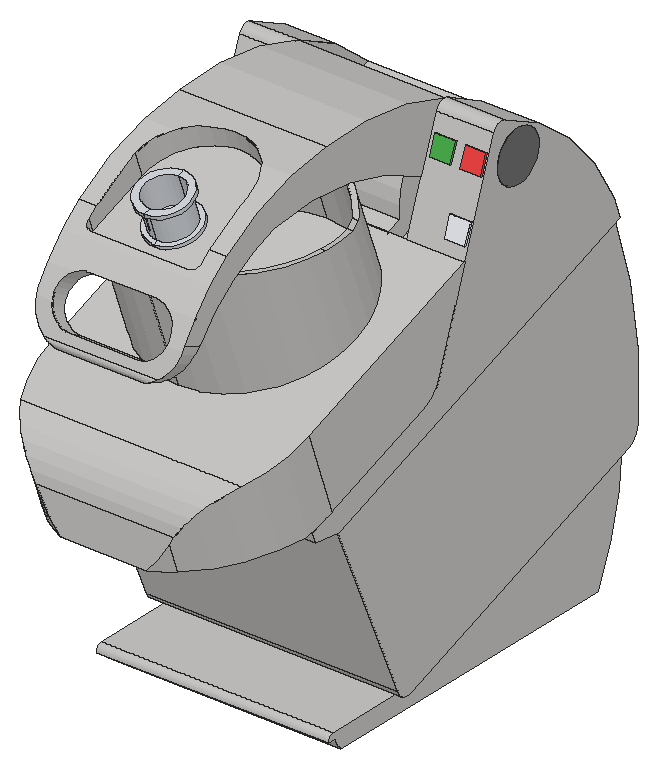
Revit family "QF_ELECTROLUXPROFESSIONAL_600467_TRSY1V503", category Specialty Equipment, Revit 2018
Family settings
  Round Connector Dimension = Use Diameter
  Part Type = Normal
  Work Plane-Based = No
  Always vertical = Yes
  Cut with Voids When Loaded = No
  Shared = No
  Room Calculation Point = No
Parameters (values of type "QF_ELECTROLUX_600467_TRSY1V503")
  Weight = 21.40 kg
  Watts = 0 W
  Volts = 200 V
  URL Manufacturer = "http://professional.electrolux.com"
  URL = "http://professional.electrolux.com"
  Steam Supply Size = 0 mm
  Steam Supply Minimum Pressure = 0.0 Pa
  Steam Supply Maximum Pressure = 0.0 Pa
  Steam Pounds per Hour = 0
  Refrigeration Suction Line Size = 0 mm
  Refrigeration Liquid Line Size = 0 mm
  Refrigerant Compressor Remote = yes
  Manufacturer = "Electrolux"
  Phase = 3
  Model = "TRSY1V503"
  Length Actual = 252 mm  # constant formula
  Item Number = "600467"
  Hot Water Size = 0 mm
  Height Actual = 515 mm  # constant formula
  HP = "0.7 HP"
  Gas Size = 0 mm
  Gas KW = 0
  Gas Input Pressure = 0 W
  Direct Waste Size = 0 mm
  Description = "VEGETABLE SLICER-1 SPEED-500W-200-240/380-440/3/50-60"
  Depth Actual = 500 mm  # constant formula
  Cycle = 60 Hz
  Condensate Return Size = 0 mm
  Compressed Air Volume = 0.0 L/s
  Compressed Air Size = 0 mm
  Compressed Air Pressure = 0.0 Pa
  Cold Water Size = 0 mm
  Accessory = yes
Reference planes
  plane 1 "Center (Front/Back)": y = 0
  plane 2: z = 0
  plane 3 "Center (Left/Right)": x = 0
  plane 4 "BASE": through (-1506.947, -1354.442, -482.669) normal (0, -0.342, 0.9397)
  plane 5 "TOP": z = 780
  plane 6 "FRONT": y = -250
  plane 7 "BACK": y = 250
  plane 8 "LEFT": x = -126
  plane 9 "RIGHT": x = 126
  plane 10 "BaseSup": through (4267.2, -355.454, 143.983) normal (0, -0.342, 0.9397)
  plane 11 "TopCylinder": z = 502
  plane 12 "panel": through (4267.2, 37.396, 376.789) normal (0, -0.9397, 0.342)
  plane 13 "TAN1": through (4267.2, -242.8, 386.84) normal (0, -0.868, 0.4965)
  plane 14 "cx": x = -4.392
Forms (mm)
  Extrusion 1, solid, material "QF_Finishes_Stainless Steel"
    sketch origin (0, 71.755, 29.173) x (0, 0.939693, 0.34202) y (0, -0.34202, 0.939693)
      loop
        line (194.125, 30) -> (-100, 30) -> (-172.671, 56.45)
        arc (-172.671, 56.45) -> (-177.706, 56.23) -> (-181.11, 52.515) r 6.584
        line (-181.11, 52.515) -> (-172.825, 49.499)
        arc (-172.825, 49.499) -> (-173.282, 42.917) -> (-170.601, 36.887) r 13.662
        line (-170.601, 36.887) -> (125.402, -70.849)
        arc (125.402, -70.849) -> (140.415, -55.659) -> (154.125, -39.282) r 258.806
        arc (154.125, -39.282) -> (176.416, -5.964) -> (194.125, 30) r 303.676
    from -114.1 to 114.1
  Extrusion 2, solid, material "QF_Finishes_Stainless Steel"
    sketch origin (0, 71.755, 29.173) x (0, 0.939693, 0.34202) y (0, -0.34202, 0.939693)
      loop
        arc (-117.754, 231.836) -> (-115.421, 136.806) -> (-106.378, 42.177) r 1344.145
        arc (-106.378, 42.177) -> (-102.811, 33.567) -> (-94.2, 30) r 12.177
        line (-94.2, 30) -> (191.415, 30)
        arc (191.415, 30) -> (200.799, 34.052) -> (207.001, 42.177) r 20.212
        arc (207.001, 42.177) -> (237.263, 134.79) -> (245.906, 231.836) r 430.148
        line (245.906, 231.836) -> (-117.754, 231.836)
    from -123.6 to 123.2
  Extrusion 3, solid, material "QF_Finishes_Stainless Steel"
    sketch origin (0, 71.755, 29.173) x (0, 0.939693, 0.34202) y (0, -0.34202, 0.939693)
      loop
        line (-117.754, 231.836) -> (250, 231.836) -> (250, 254)
        arc (250, 254) -> (225.127, 344.7) -> (167.861, 419.303) r 244.524
        arc (167.861, 419.303) -> (160.498, 421.774) -> (153.587, 418.23) r 10
        line (153.587, 418.23) -> (25.432, 265.5)
        arc (25.432, 265.5) -> (14.376, 257.016) -> (0.77, 254) r 32.194
        line (0.77, 254) -> (-142.678, 254) -> (-142.678, 244) -> (-117.754, 231.836)
    from -125 to 125
  Extrusion 4, void
    sketch origin (0, 71.755, 29.173) x (0, 0.939693, 0.34202) y (0, -0.34202, 0.939693)
      loop
        line (146.605, 338.403) -> (228.145, 338.403)
        arc (228.145, 338.403) -> (202.221, 381.996) -> (167.861, 419.303) r 244.524
        arc (167.861, 419.303) -> (160.498, 421.774) -> (153.587, 418.23) r 10
        line (153.587, 418.23) -> (72.34, 321.403) -> (146.605, 321.403) -> (146.605, 338.403)
    from -76.755 to 68.071
  Extrusion 5, solid, material "QF_Finishes_Stainless Steel"
    sketch origin (0, 71.755, 29.173) x (0, 0.939693, 0.34202) y (0, -0.34202, 0.939693)
      loop
        line (86.605, 338.403) -> (69.605, 321.403) -> (146.605, 321.403) -> (146.605, 338.403) -> (138.179, 338.403) -> (138.179, 369.367)
        arc (138.179, 369.367) -> (147.784, 373.474) -> (158.149, 372.174) r 19.987
        arc (158.149, 372.174) -> (156.791, 382.001) -> (162.888, 389.826) r 12.748
        arc (162.888, 389.826) -> (123.302, 374.774) -> (101.605, 338.403) r 64.447
        line (101.605, 338.403) -> (86.605, 338.403)
    from -65 to 50
  Extrusion 6, solid, material "QF_Finishes_Stainless Steel"
    sketch origin (539, 71.755, 29.173) x (0, -0.939693, -0.34202) y (0, -0.34202, 0.939693)
      loop
        circle (-169.102, 378.696) r 12.748
    from 489 to 604
  Extrusion 7, solid, material "QF_Finishes_Rubber Black"
    sketch origin (0, 71.755, 29.173) x (0, 0.939693, 0.34202) y (0, -0.34202, 0.939693)
      loop
        circle (169.102, 378.696) r 25
    from 125 to 126.6
  Extrusion 8, solid, material "QF_Finishes_Green"
    sketch origin (-10, -113.728, -38.42) x (0, -0.34202, -0.939693) y (1, 0, 0)
      loop
        line (-529.862, 82.865) -> (-509.862, 82.865) -> (-509.862, 102.865) -> (-529.862, 102.865) -> (-529.862, 82.865)
    from 0 to 1.6
  Extrusion 9, solid, material "QF_Finishes_Red"
    sketch origin (20, -113.728, -38.42) x (0, -0.34202, -0.939693) y (1, 0, 0)
      loop
        line (-529.862, 82.865) -> (-509.862, 82.865) -> (-509.862, 102.865) -> (-529.862, 102.865) -> (-529.862, 82.865)
    from 0 to 1.6
  Extrusion 10, solid, material "QF_Finishes_White"
    sketch origin (19.976, -149.421, -75.636) x (0, -0.34202, -0.939693) y (1, 0, 0)
      loop
        line (-521.192, 82.865) -> (-501.192, 82.865) -> (-501.192, 102.865) -> (-521.192, 102.865) -> (-521.192, 82.865)
    from 0 to 1.6
  Extrusion 11, solid, material "QF_Finishes_Rubber Black"
    sketch origin (-20, -306.935, 99.376) x (0, -1, 0) y (1, 0, 0)
      loop
        circle (-230.144, 103.748) r 10
      loop
        circle (-230.144, -61.252) r 10
    from 9.274 to 3.787
  Extrusion 12, void
    sketch origin (-20.94, 306.731, 139.428) x (-1, 0, 0) y (0, -0.34202, 0.939693)
      loop
        circle (-20.94, 196.093) r 10
    from -1.916 to -26.433
  Extrusion 13, solid, material "QF_Finishes_Stainless Steel"
    sketch origin (-20.94, 306.678, 139.573) x (-1, 0, 0) y (0, -0.34202, 0.939693)
      loop
        circle (-20.94, 195.939) r 9.999
    from -8.514 to -26.433
  Extrusion 14, solid, material "QF_Finishes_Stainless Steel"
    sketch origin (0, -15.119, 267.855) x (0, -0.939693, -0.34202) y (1, 0, 0)
      loop
        line (-86.605, -125) -> (117.754, -125)
        arc (117.754, -125) -> (182.577, -108.838) -> (232.224, -64.135) r 138.076
        arc (232.224, -64.135) -> (246.337, -33.516) -> (250, 0) r 104.824
        arc (250, 0) -> (246.337, 33.516) -> (232.224, 64.135) r 104.824
        arc (232.224, 64.135) -> (182.577, 108.838) -> (117.754, 125) r 138.076
        line (117.754, 125) -> (-86.605, 125) -> (-86.605, -125)
    from 0 to 84.403
  Extrusion 15, void
    sketch origin (0, 71.755, 29.173) x (0, 0.939693, 0.34202) y (0, -0.34202, 0.939693)
      loop
        line (-148.177, 254) -> (-243.49, 272.527) -> (-229.509, 307.133)
        arc (-229.509, 307.133) -> (-211.109, 329.855) -> (-183.149, 338.403) r 50
        line (-183.149, 338.403) -> (-263.395, 338.403) -> (-263.395, 254) -> (-148.177, 254)
      loop
        line (86.605, 338.403) -> (25.432, 265.5)
        arc (25.432, 265.5) -> (14.376, 257.016) -> (0.77, 254) r 32.194
        line (0.77, 254) -> (86.605, 254) -> (86.605, 338.403)
    from -156.555 to 144.79
  Extrusion 16, solid, material "QF_Finishes_Rubber Black"
    sketch origin (-20, -28.598, 99.376) x (0, -1, 0) y (1, 0, 0)
      loop
        circle (-230.144, 103.748) r 10
      loop
        circle (-230.144, -61.252) r 10
    from 9.274 to 3.787
  Extrusion 17, solid, material "QF_Finishes_Stainless Steel"
    sketch origin (0, 0, 0) x (0, 1, 0) y (0, 0, 1)
      loop
        arc (-237.987, 360.286) -> (-193.334, 422.101) -> (-125.907, 457.716) r 167.502
        arc (-125.907, 457.716) -> (-32.614, 457.202) -> (54.785, 424.565) r 266.494
        line (54.785, 424.565) -> (73.036, 474.711)
        arc (73.036, 474.711) -> (77.269, 479.853) -> (83.792, 481.198) r 10
        arc (83.792, 481.198) -> (12.917, 500.705) -> (-60.594, 500.999) r 278.64
        arc (-60.594, 500.999) -> (-125.023, 488.463) -> (-183.511, 458.675) r 236.13
        arc (-183.511, 458.675) -> (-222.818, 420.732) -> (-248.457, 372.49) r 174.407
        arc (-248.457, 372.49) -> (-249.83, 368.135) -> (-247.05, 364.513) r 4.945
        line (-247.05, 364.513) -> (-237.987, 360.286)
    from -76.755 to 68.071
  Extrusion 18, void
    sketch origin (0, -252.846, 369.279) x (0, -0.496521, -0.868025) y (1, 0, 0)
      loop
        line (-13.723, -36.755) -> (-13.723, 28.071)
        arc (-13.723, 28.071) -> (-38.723, 53.071) -> (-63.723, 28.071) r 25
        line (-63.723, 28.071) -> (-63.723, -36.755)
        arc (-63.723, -36.755) -> (-38.723, -61.755) -> (-13.723, -36.755) r 25
    from -148.493 to 7.125
  Extrusion 19, void
    sketch origin (0, -88.076, 32.057) x (0, -0.34202, -0.939693) y (1, 0, 0)
      loop
        line (-257.162, 68.071) -> (-297.162, 68.071)
        arc (-297.162, 68.071) -> (-268.878, 56.356) -> (-257.162, 28.071) r 40
        line (-257.162, 28.071) -> (-257.162, 68.071)
      loop
        line (-257.162, -76.755) -> (-257.162, -36.755)
        arc (-257.162, -36.755) -> (-268.878, -65.039) -> (-297.162, -76.755) r 40
        line (-297.162, -76.755) -> (-257.162, -76.755)
    from 233.374 to 280.473
  Extrusion 20, void
    sketch origin (0, -73.76, 246.511) x (0, -0.939693, -0.34202) y (1, 0, 0)
      loop
        spline (50.415, 43.499) -> (50.302, 44.538) -> (50.07, 45.551) -> (49.722, 46.523) -> (49.265, 47.436) -> (48.705, 48.278) -> (48.053, 49.034) -> (47.317, 49.692) -> (46.511, 50.241) -> (45.647, 50.674) -> (44.738, 50.981) -> (43.801, 51.16) -> (42.848, 51.221)
        line (42.848, 51.221) -> (-21.826, 51.221)
        arc (-21.826, 51.221) -> (-77.476, -4.429) -> (-21.826, -60.078) r 55.65
        line (-21.826, -60.078) -> (42.849, -60.064)
        spline (42.849, -60.064) -> (43.796, -60.017) -> (44.73, -59.836) -> (45.637, -59.525) -> (46.5, -59.088) -> (47.306, -58.532) -> (48.042, -57.867) -> (48.695, -57.103) -> (49.256, -56.253) -> (49.715, -55.331) -> (50.065, -54.351) -> (50.3, -53.329) -> (50.415, -52.283)
        line (50.415, -52.283) -> (50.415, 43.499)
    from 219.928 to 259.975
  Extrusion 21, void
    sketch origin (0, -87.856, 241.381) x (0, -0.939693, -0.34202) y (1, 0, 0)
      loop
        circle (-4.976, -4.429) r 22.5
    from 184.171 to 259.975
  Extrusion 22, solid, material "QF_Finishes_Stainless Steel"
    sketch origin (0, -57.13, 252.564) x (0, -0.939693, -0.34202) y (1, 0, 0)
      loop
        circle (-27.476, -4.429) r 100
      loop
        circle (-27.476, -4.429) r 95
    from 84.403 to 219.928
  Extrusion 23, void
    sketch origin (539, 0, 0) x (0, -1, 0) y (0, 0, 1)
      loop
        line (-7.229, 448.453) -> (38.883, 431.669) -> (53.883, 431.669) -> (97.232, 435.738) -> (172.232, 435.738) -> (200.5, 434.424) -> (12.562, 502.828) -> (-7.229, 448.453)
    from 424.9 to 664
  Revolve 24, solid
    sketch origin (-4.392, 0, 0) x (0, 1, 0) y (0, 0, 1)
      loop
        line (-159.523, 452.833) -> (-177.266, 446.376) -> (-188.766, 477.973) -> (-195.199, 475.631) -> (-193.959, 472.225) -> (-189.261, 473.935) -> (-179, 445.744) -> (-183.698, 444.034) -> (-182.575, 440.948) -> (-179.543, 442.052) -> (-133.191, 314.7) -> (-112.048, 322.396) -> (-159.523, 452.833)
      axis (-112.048, 322.396) -> (-171.023, 484.431)
    angle from 0 to 360
  Extrusion 25, solid, material "QF_Door-Drawer Clearances", detail levels coarse
    sketch origin (0, -259.129, 728.467) x (0, -0.462376, -0.886684) y (0, 0.886684, -0.462376)
      loop
        arc (-237.987, 360.286) -> (-193.334, 422.101) -> (-125.907, 457.716) r 167.502
        arc (-125.907, 457.716) -> (-32.614, 457.202) -> (54.785, 424.565) r 266.494
        line (54.785, 424.565) -> (59.562, 427.056)
        arc (59.562, 427.056) -> (59.025, 458.234) -> (62.46, 489.226) r 244.524
        arc (62.46, 489.226) -> (1.594, 502.023) -> (-60.594, 500.999) r 278.64
        arc (-60.594, 500.999) -> (-125.023, 488.463) -> (-183.511, 458.675) r 236.13
        arc (-183.511, 458.675) -> (-222.818, 420.732) -> (-248.457, 372.49) r 174.407
        arc (-248.457, 372.49) -> (-249.83, 368.135) -> (-247.05, 364.513) r 4.945
        line (-247.05, 364.513) -> (-237.987, 360.286)
    from -76.755 to 68.071
  Extrusion 26, solid, material "QF_Door-Drawer Clearances", detail levels coarse
    sketch origin (-4.392, 0, 0) x (0, 1, 0) y (0, 0, 1)
      loop
        arc (180.062, 780.324) -> (-149.234, 694.151) -> (-249.905, 368.994) r 350.321
        line (-249.905, 368.994) -> (-246.546, 377.767)
        arc (-246.546, 377.767) -> (-144.345, 691.9) -> (174.993, 776.44) r 345.321
        line (174.993, 776.44) -> (180.062, 780.324)
    from -60 to 60
Cuts and joins
  Extrusion 4, Extrusion 19, Extrusion 20, Extrusion 21 cuts Extrusion 3
  Extrusion 15, Extrusion 19, Extrusion 20, Extrusion 21 cuts Extrusion 14
  Extrusion 18, Extrusion 19, Extrusion 20, Extrusion 21 cuts Extrusion 17
  Extrusion 12, Extrusion 20, Extrusion 21 cuts Extrusion 2
  Extrusion 23 cuts Extrusion 22
Lines and regions (mm)
  model lines
    curve 1: line (-65, 80.335, 302.597) -> (50, 80.335, 302.597)
    curve 2: line (-65, 83.13, 303.615) -> (50, 83.13, 303.615)
Dimensions and locks
  plane 5 "TOP" to level = 780 mm
  plane 8 "LEFT" to plane 3 "Center (Left/Right)" to plane 9 "RIGHT" = 126 mm, 126 mm
  plane 7 "BACK" to plane 1 "Center (Front/Back)" to plane 6 "FRONT" = 250 mm, 250 mm
  plane 5 "TOP" to plane 2 = 780 mm
  plane 5 "TOP" to plane 11 "TopCylinder" = 278 mm
  plane 6 "FRONT" to plane 7 "BACK" = 500 mm
  plane 7 "BACK" to plane 6 "FRONT" = 500 mm
  plane 11 "TopCylinder" to level = 502 mm
  aligned and locked: level to plane 2
Connectors
  electrical at (0, 231.662, 320.783), driven by "Volts"
    settings: on Extrusion 13, index 1, voltage 200 V, apparent load 0 VA, apparent load phase1 0 VA, apparent load phase2 0 VA, apparent load phase3 0 VA, power factor 1, load classification "Other", number of poles 1, system type 30, power factor state 1, is connector primary yes, connector utility no, sub classification motor no, connector description "Electrical Connection"
